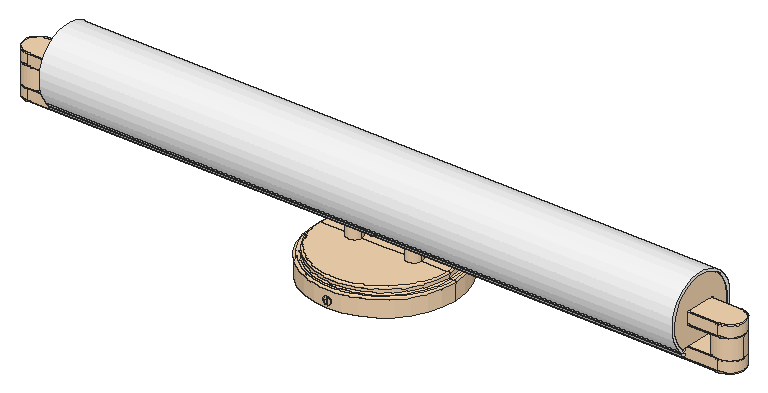
Revit family "Light_Fixture-Bath_Bar-KOHLER-Crue-K-32631", category Lighting Fixtures, host Face, Revit 2021
Family settings
  Host = Face
  Round Connector Dimension = Use Diameter
  Part Type = Normal
  OmniClass Number = 23.35.47.11
  OmniClass Title = Lighting Fixtures
  Cut with Voids When Loaded = No
  Light Source = Yes
  Shared = No
  Room Calculation Point = No
Parameters (values of type "2GL-Brushed Modern Brass")
  Width = 3 185/256"  # constant formula
  Wattage Comments = "20 W"  # constant formula
  Wattage = 20 W
  WaterSense Certified = 1 = 0  # no
  built-in parameter 1150110 = 1 (stored number, unit not read)
  Voltage = 120 V  # constant formula
  URL = "https://www.us.kohler.com/us/"
  Type = 1
  built-in parameter 1114217 = 1 (stored number, unit not read)
  built-in parameter 1150109 = 1 (stored number, unit not read)
  built-in parameter 1150134 = (empty or 0)
  built-in parameter 1150113 = 1 (stored number, unit not read)
  Product Page URL = "http://www.us.kohler.com/us/catalog/productDetails.jsp?productId=32631-SCLED"
  Product Name = "Crue"  # constant formula
  Product Documentation Link = "https://www.us.kohler.com/webassets/kpna/catalog/pdf/en/K-32631-SCLED_spec_US-CA_Kohler_en.pdf"
  Model = if(Type = 1, "K-32631-SCLED-2GL", if(Type = 2, "K-32631-SCLED-BLL", if(Type = 3, "K-32631-SCLED-BNL", if(Type = 4, "K-32631-SCLED-CPL", if(Type = 5, "K-32631-SCLED-TTL", "NA")))))  # "K-32631-SCLED-2GL"
  Material = "Premium Metal Construction"  # constant formula
  Master Format 2014 Name = "Interior Lighting Fixtures, Lamps, And Ballasts"  # constant formula
  Master Format 2014 = "26 51 13"  # constant formula
  Manufacturer Address = "444 Highland Dr, Kohler, WI 53044"  # constant formula
  Manufacturer = "Kohler Co."  # constant formula
  built-in parameter 1150105 = 572.96 (stored number, unit not read)
  Lumens = 1800 lm
  built-in parameter 1150115 = 1 (stored number, unit not read)
  Light Source Symbol Size = 2"  # constant formula
  built-in parameter 1150137 = (empty or 0)
  built-in parameter 1150139 = (empty or 0)
  Length = 23 55/64"  # constant formula
  built-in parameter 1150112 = 1 (stored number, unit not read)
  built-in parameter 1150114 = 1 (stored number, unit not read)
  Lamp = "1 x 20W LED Strip"  # constant formula
  built-in parameter 1150132 = (empty or 0)
  built-in parameter 1150102 = (empty or 0)
  built-in parameter 1150107 = 3000 (stored number, unit not read)
  built-in parameter 1150138 = (empty or 0)
  built-in parameter 1150106 = 5.7296 (stored number, unit not read)
  Height = 4 185/256"  # constant formula
  Hardware Included = 0 = 1  # no
  Finish = KOHLER-Metal-2GL-Brushed_Modern_Brass
  Environmental Product Declaration = ""
  Emit from Line Length = 20"
  Electrical Note = "One Dedicated Circuit Required"  # constant formula
  Electrical Connector = 1 = 1  # yes
  built-in parameter 1150104 = 8.3613 (stored number, unit not read)
  Dimming Lamp Color Temperature Shift = Incandescent Lamp Curve
  Description = "24 Inch Bath Bar"  # constant formula
  Default Elevation = 60"
  Declare Label = ""
  Date Modified = "01/18/2023"  # constant formula
  Date Created = "01/18/2023"  # constant formula
  Copyright = "Copyright Kohler Co."  # constant formula
  Contact Us = "https://www.us.kohler.com/us/static/contact.jsp"
  Color Filter = 16777215
  built-in parameter 1114218 = 1 (stored number, unit not read)
  built-in parameter 1150133 = 10 (stored number, unit not read)
  Assembly Code = "D5040.50"
  Apparent Load = 20 VA  # constant formula
  ADA Compliant = 1 = 0  # no
Types (6): name | Type | Model | Finish
  (no name) | 1 | "K-32631-SCLED-2GL" | KOHLER-Metal-2GL-Brushed_Modern_Brass
  2GL-Brushed Modern Brass | 1 | "K-32631-SCLED-2GL" | KOHLER-Metal-2GL-Brushed_Modern_Brass
  BLL-Matte Black | 2 | "K-32631-SCLED-BLL" | KOHLER-Metal-BLL-Matte_Black
  BNL-Brushed Nickel | 3 | "K-32631-SCLED-BNL" | KOHLER-Metal-BNL-Brushed_Nickel
  CPL-Polished Chrome | 4 | "K-32631-SCLED-CPL" | KOHLER-Metal-CPL-Polished_Chrome
  TTL-Titanium | 5 | "K-32631-SCLED-TTL" | KOHLER-Metal-TTL-Titanium
Reference planes (in)
  plane 1 "Center (Front/Back)": y = 0
  plane 2: z = 0
  plane 3 "Center (Left/Right)": x = 0
  plane 4: y = 2.36219
  plane 5: y = -2.36047
  plane 6: x = -2.3622
  plane 7: x = 2.3622
  plane 8: y = -1.1811
  plane 9: y = 1.1811
  plane 10: x = -11.92913
  plane 11: x = 11.93024
  plane 12: x = 10.49213
  plane 13: x = -10.49213
  plane 14: z = 3.72266
  plane 15: z = 0.7874
Dimensions and locks (in)
  plane 6 to plane 7 = 4.72441"
  "Height": plane 5 to plane 4
  "Length": plane 10 to plane 11
  plane 13 to plane 12 = 20.98425"
  plane 8 to plane 9 = 2.3622"
  "Width": plane 14 to level
  plane 15 to level = 0.7874"
  aligned and locked: plane 2 to host face
  aligned and locked: level to host face
  aligned and locked: plane 3 "Center (Left/Right)" to nested 1
  aligned and locked: plane 1 "Center (Front/Back)" to nested 1
Automatic sketch dimensions
  host sketch curve to host sketch curve = 96"  (x2)
Nested families (in)
  nested 1: "K-32631" at (0, 0, 0), type "K-32631"
Connectors (in)
  electrical at (0, 0, 0), driven by "Voltage", driven by "Apparent Load", driven by "Apparent Load", driven by "Electrical Connector", driven by "Electrical Note"
    settings: on nested 1, index 1, voltage 120 V, apparent load 20 VA, apparent load phase1 20 VA, apparent load phase2 0 VA, apparent load phase3 0 VA, power factor 1, load classification "Lighting", number of poles 1, system type 30, power factor state 1, is connector primary yes, connector utility yes, sub classification motor no, connector description "One Dedicated Circuit Required"
Definition of nested family "K-32631"
  Parameters (values of type "K-32631")
    Material = none
    Default Elevation = 0"
  Reference planes (in)
    plane 1 "Center (Front/Back)": y = 0
    plane 2: z = 0
    plane 3 "Center (Left/Right)": x = 0
    plane 4: y = 2.36219
    plane 5: y = -2.36219
    plane 6: x = -11.92913
    plane 7: x = 11.92913
    plane 8: x = -2.3622
    plane 9: x = 2.3622
    plane 10: x = -10.49213
    plane 11: x = 10.49213
    plane 12: y = 1.1811
    plane 13: y = -1.1811
    plane 14: z = 3.72071
    plane 15: z = 0.7874
  Forms (in)
    Revolve 1, solid, material <- "Material", detail levels medium+fine
      sketch origin (0, 0, 0) x (1, 0, 0) y (0, 0, 1)
        loop
          line (0, 0) -> (2.3622, 0) -> (2.3622, 0.53378)
          arc (2.3622, 0.53378) -> (2.34558, 0.57392) -> (2.30544, 0.59055) r 0.05677
          line (2.30544, 0.59055) -> (2.20514, 0.59055)
          arc (2.20514, 0.59055) -> (2.17625, 0.60252) -> (2.16429, 0.63141) r 0.04085
          line (2.16429, 0.63141) -> (2.16429, 0.7316)
          arc (2.16429, 0.7316) -> (2.14794, 0.77106) -> (2.10849, 0.7874) r 0.0558
          line (2.10849, 0.7874) -> (0, 0.7874) -> (0, 0)
        axis (0, 0.7874) -> (0, 0)
      angle from 0 to 360
    Revolve 2, solid, material <- "Material", detail levels medium+fine
      sketch origin (0, 0, 0) x (1, 0, 0) y (0, 0, 1)
        loop
          line (-0.98425, 1.29928) -> (-1.23031, 1.29928) -> (-1.23031, 0.60195) -> (-0.98425, 0.60195) -> (-0.98425, 1.29928)
        axis (-0.98425, 1.29928) -> (-0.98425, 0.60195)
      angle from 0 to 360
    Revolve 3, solid, material <- "Material", detail levels medium+fine
      sketch origin (0, 0, 0) x (1, 0, 0) y (0, 0, 1)
        loop
          line (-11.43701, 2.34259) -> (-11.92913, 2.34259) -> (-11.92913, 1.69298) -> (-11.43701, 1.69298) -> (-11.43701, 2.34259)
        axis (-11.43701, 2.34259) -> (-11.43701, 1.69298)
      angle from 0 to 360
    Extrusion 4, solid, material <- "Material", detail levels medium+fine
      sketch origin (0, 0, 0) x (1, 0, 0) y (0, 1, 0)
        loop
          line (-11.43551, -0.34826) -> (11.43551, -0.34826)
          arc (11.43551, -0.34826) -> (11.78464, 0.00087) -> (11.43551, 0.34999) r 0.34912
          line (11.43551, 0.34999) -> (-11.43551, 0.34999)
          arc (-11.43551, 0.34999) -> (-11.78464, 0.00087) -> (-11.43551, -0.34826) r 0.34912
      from 1.29928 to 1.69298
    Sweep 5, solid, material <- "Material", detail levels medium+fine
      path origin (0, 0, 0) x (1, 0, 0) y (0, 1, 0)
        loop
          line (0, 0.49484) -> (-11.43551, 0.49484)
          arc (-11.43551, 0.49484) -> (-11.92949, 0.00087) -> (-11.43551, -0.49311) r 0.49398
          line (-11.43551, -0.49311) -> (0, -0.49311) -> (11.43551, -0.49311)
          arc (11.43551, -0.49311) -> (11.92949, 0.00087) -> (11.43551, 0.49484) r 0.49398
          line (11.43551, 0.49484) -> (0, 0.49484)
      profile origin (-11.92949, 0.00087, 0) x (1, 0, 0) y (0, 0, 1)
        loop
          arc (0.02046, 1.69298) -> (0.00624, 1.68709) -> (0.00035, 1.67288) r 0.02011
          line (0.00035, 1.67288) -> (0.00035, 1.31893)
          arc (0.00035, 1.31893) -> (0.00611, 1.30504) -> (0.02, 1.29928) r 0.01964
          line (0.02, 1.29928) -> (0.15273, 1.29928) -> (0.15273, 1.69298) -> (0.02046, 1.69298)
    Sweep 6, solid, material <- "Material", detail levels medium+fine
      path origin (0, 0, 0) x (1, 0, 0) y (0, 1, 0)
        loop
          line (0, 0.49484) -> (-11.43551, 0.49484)
          arc (-11.43551, 0.49484) -> (-11.92949, 0.00087) -> (-11.43551, -0.49311) r 0.49398
          line (-11.43551, -0.49311) -> (0, -0.49311) -> (11.43551, -0.49311)
          arc (11.43551, -0.49311) -> (11.92949, 0.00087) -> (11.43551, 0.49484) r 0.49398
          line (11.43551, 0.49484) -> (0, 0.49484)
      profile origin (-11.92949, 0.00087, 0) x (1, 0, 0) y (0, 0, 1)
        loop
          line (0.13882, 2.34259) -> (0.13882, 2.73629) -> (0.02039, 2.73629)
          arc (0.02039, 2.73629) -> (0.00622, 2.73042) -> (0.00035, 2.71625) r 0.02004
          line (0.00035, 2.71625) -> (0.00035, 2.36266)
          arc (0.00035, 2.36266) -> (0.00623, 2.34847) -> (0.02043, 2.34259) r 0.02007
          line (0.02043, 2.34259) -> (0.13882, 2.34259)
    Extrusion 7, solid, material <- "Material", detail levels medium+fine
      sketch origin (0, 0, 0) x (1, 0, 0) y (0, 1, 0)
        loop
          arc (-11.43551, 0.37571) -> (-11.81035, 0.00087) -> (-11.43551, -0.37398) r 0.37484
          line (-11.43551, -0.37398) -> (11.43551, -0.37398)
          arc (11.43551, -0.37398) -> (11.81035, 0.00087) -> (11.43551, 0.37571) r 0.37484
          line (11.43551, 0.37571) -> (-11.43551, 0.37571)
      from 2.34259 to 2.73629
    Extrusion 8, void
      sketch origin (0, 0, 0) x (1, 0, 0) y (0, 0, 1)
        loop
          line (-10.43307, 4.4292) -> (-10.43307, 2.067) -> (10.43307, 2.067) -> (10.43307, 4.4292) -> (-10.43307, 4.4292)
      from -1.52135 to 1.50594
    Revolve 9, solid, material <- "Material", detail levels medium+fine
      sketch origin (0, 0, 0) x (-1, 0, 0) y (0, 0, -1)
        loop
          line (-0.98425, -1.29928) -> (-0.98425, -0.38932) -> (-1.23031, -0.38932) -> (-1.23031, -1.29928) -> (-0.98425, -1.29928)
        axis (-0.98425, -1.29928) -> (-0.98425, -0.38932)
      angle from 0 to 360
    Revolve 10, solid, material <- "Material", detail levels medium+fine
      sketch origin (0, 0, 0) x (-1, 0, 0) y (0, 0, -1)
        loop
          line (-11.43701, -2.34259) -> (-11.43701, -1.69298) -> (-11.92913, -1.69298) -> (-11.92913, -2.34259) -> (-11.43701, -2.34259)
        axis (-11.43701, -2.34259) -> (-11.43701, -1.69298)
      angle from 0 to 360
    Extrusion 11, solid
      sketch origin (0, 0, 0) x (0, 1, 0) y (0, 0, 1)
        loop
          arc (0.7911, 1.74524) -> (0.75273, 1.71967) -> (0.70749, 1.71069) r 0.11844
          line (0.70749, 1.71069) -> (0.66242, 1.71069) -> (0.66242, 1.67831)
          arc (0.66242, 1.67831) -> (0.6702, 1.66526) -> (0.68538, 1.66593) r 0.01482
          arc (0.68538, 1.66593) -> (0.76087, 1.62484) -> (0.68472, 1.58499) r 0.04871
          arc (0.68472, 1.58499) -> (0.67002, 1.58581) -> (0.66242, 1.5732) r 0.01427
          line (0.66242, 1.5732) -> (0.66242, 1.54069)
          arc (0.66242, 1.54069) -> (0.7491, 1.52495) -> (0.80584, 1.59234) r 0.08784
          line (0.80584, 1.59234) -> (0.81312, 1.63362)
          arc (0.81312, 1.63362) -> (0.82993, 1.68438) -> (0.8606, 1.72818) r 0.18452
          arc (0.8606, 1.72818) -> (-0.00203, 3.72112) -> (-0.85534, 1.72418) r 1.18197
          arc (-0.85534, 1.72418) -> (-0.82317, 1.67855) -> (-0.80555, 1.62557) r 0.19115
          line (-0.80555, 1.62557) -> (-0.79969, 1.59234)
          arc (-0.79969, 1.59234) -> (-0.74294, 1.52495) -> (-0.65626, 1.54069) r 0.08784
          line (-0.65626, 1.54069) -> (-0.65626, 1.5732)
          arc (-0.65626, 1.5732) -> (-0.66387, 1.58581) -> (-0.67857, 1.58499) r 0.01427
          arc (-0.67857, 1.58499) -> (-0.75472, 1.62484) -> (-0.67923, 1.66593) r 0.04871
          arc (-0.67923, 1.66593) -> (-0.66405, 1.66526) -> (-0.65626, 1.67831) r 0.01482
          line (-0.65626, 1.67831) -> (-0.65626, 1.71069) -> (-0.7161, 1.71069)
          arc (-0.7161, 1.71069) -> (-0.75122, 1.71756) -> (-0.78115, 1.73718) r 0.09311
          arc (-0.78115, 1.73718) -> (-0.00485, 3.65733) -> (0.7911, 1.74524) r 1.11934
      from -10.49213 to 10.49213
    Extrusion 12, solid, material <- "Material", detail levels medium+fine
      sketch origin (0, 0, 0) x (0, 1, 0) y (0, 0, 1)
        loop
          arc (-0.78115, 1.73718) -> (-0.75122, 1.71756) -> (-0.7161, 1.71069) r 0.09311
          line (-0.7161, 1.71069) -> (0.70749, 1.71069)
          arc (0.70749, 1.71069) -> (0.75273, 1.71967) -> (0.7911, 1.74524) r 0.11844
          arc (0.7911, 1.74524) -> (-0.00485, 3.65733) -> (-0.78115, 1.73718) r 1.11934
      from -10.31496 to -10.43307
    Extrusion 13, solid, material <- "Material", detail levels medium+fine
      sketch origin (0, 0, 0) x (0, 1, 0) y (0, 0, -1)
        loop
          arc (-0.78115, -1.73718) -> (-0.00485, -3.65733) -> (0.7911, -1.74524) r 1.11934
          arc (0.7911, -1.74524) -> (0.75273, -1.71967) -> (0.70749, -1.71069) r 0.11844
          line (0.70749, -1.71069) -> (-0.7161, -1.71069)
          arc (-0.7161, -1.71069) -> (-0.75122, -1.71756) -> (-0.78115, -1.73718) r 0.09311
      from -10.31496 to -10.43307
    Extrusion 14, void
      sketch origin (0, 0, 0) x (0, 1, 0) y (0, 0, 1)
        loop
          circle (0.18023, 2.53946) r 0.07874
        loop
          circle (-0.1785, 2.53946) r 0.07874
      from -10.49213 to 10.49213
    Extrusion 15, void
      sketch origin (0, 0, 0) x (1, 0, 0) y (0, 0, 1)
        loop
          circle (0.00039, 0.21703) r 0.13814
      from 2.10865 to 2.48456
    Extrusion 16, solid, material <- "Material", detail levels medium+fine
      sketch origin (0, 0, 0) x (1, 0, 0) y (0, 0, 1)
        loop
          circle (0.00039, 0.21703) r 0.12096
        loop
          line (0.01602, 0.31386) -> (-0.01524, 0.31386) -> (-0.01524, 0.23266) -> (-0.09644, 0.23266) -> (-0.09644, 0.20139) -> (-0.01524, 0.20139) -> (-0.01524, 0.1202) -> (0.01602, 0.1202) -> (0.01602, 0.20139) -> (0.09722, 0.20139) -> (0.09722, 0.23266) -> (0.01602, 0.23266) -> (0.01602, 0.31386)
      from 2.10865 to 2.35816
    Extrusion 17, solid, material <- "Material", detail levels medium+fine
      sketch origin (0, 0, 0) x (1, 0, 0) y (0, 0, -1)
        loop
          circle (0.00039, -0.21703) r 0.12096
        loop
          line (0.01602, -0.31386) -> (0.01602, -0.23266) -> (0.09722, -0.23266) -> (0.09722, -0.20139) -> (0.01602, -0.20139) -> (0.01602, -0.1202) -> (-0.01524, -0.1202) -> (-0.01524, -0.20139) -> (-0.09644, -0.20139) -> (-0.09644, -0.23266) -> (-0.01524, -0.23266) -> (-0.01524, -0.31386) -> (0.01602, -0.31386)
      from 2.10865 to 2.35816
    Extrusion 18, void
      sketch origin (0, 0, 0) x (1, 0, 0) y (0, 0, -1)
        loop
          circle (0.00039, -0.21703) r 0.13814
      from 2.10865 to 2.48456
    Revolve 19, solid, material <- "Material", detail levels coarse
      sketch origin (0, 0, 0) x (1, 0, 0) y (0, 0, 1)
        loop
          line (0, 0) -> (0, 1.31918) -> (-1.28675, 1.31918) -> (-1.28675, 0.83619) -> (-2.3622, 0.83619) -> (-2.3622, 0) -> (0, 0)
        axis (0, 1.31918) -> (0, 0)
      angle from 0 to 360
    Extrusion 20, solid, material <- "Material", detail levels coarse
      sketch origin (0, 0, 0) x (0, 1, 0) y (0, 0, 1)
        loop
          arc (-0.78115, 1.73718) -> (-0.75122, 1.71756) -> (-0.7161, 1.71069) r 0.09311
          line (-0.7161, 1.71069) -> (0.70749, 1.71069)
          arc (0.70749, 1.71069) -> (0.75273, 1.71967) -> (0.7911, 1.74524) r 0.11844
          arc (0.7911, 1.74524) -> (-0.00485, 3.65733) -> (-0.78115, 1.73718) r 1.11934
      from -10.31496 to -10.44934
    Extrusion 21, solid, material <- "Material", detail levels coarse
      sketch origin (0, 0, 0) x (0, 1, 0) y (0, 0, -1)
        loop
          arc (-0.78115, -1.73718) -> (-0.00485, -3.65733) -> (0.7911, -1.74524) r 1.11934
          arc (0.7911, -1.74524) -> (0.75273, -1.71967) -> (0.70749, -1.71069) r 0.11844
          line (0.70749, -1.71069) -> (-0.7161, -1.71069)
          arc (-0.7161, -1.71069) -> (-0.75122, -1.71756) -> (-0.78115, -1.73718) r 0.09311
      from -10.31496 to -10.46821
    Extrusion 22, solid, material <- "Material", detail levels coarse
      sketch origin (0, 0, 0) x (1, 0, 0) y (0, 1, 0)
        loop
          arc (11.45883, -0.55784) -> (12.01974, 0.00308) -> (11.45883, 0.56399) r 0.56091
          line (11.45883, 0.56399) -> (-11.45883, 0.56399)
          arc (-11.45883, 0.56399) -> (-12.01974, 0.00308) -> (-11.45883, -0.55784) r 0.56091
          line (-11.45883, -0.55784) -> (11.45883, -0.55784)
      from 1.29928 to 1.71069
    Extrusion 23, solid, material <- "Material", detail levels medium+fine
      sketch origin (0, 0, 0) x (1, 0, 0) y (0, 1, 0)
        loop
          circle (0, 0) r 0.19685
      from 0 to 0.07874
    Extrusion 24, solid
      sketch origin (0, 0, 0) x (0, 1, 0) y (0, 0, 1)
        loop
          line (0.66242, 1.71069) -> (0.66242, 1.86817) -> (-0.65582, 1.86817) -> (-0.65582, 1.71069) -> (0.66242, 1.71069)
        loop
          line (0.64273, 1.84866) -> (-0.63613, 1.84866) -> (-0.63613, 1.73055) -> (0.64273, 1.73055) -> (0.64273, 1.84866)
      from -10.14372 to 10.14372
    Extrusion 25, solid
      sketch origin (0, 0, 0) x (0, 1, 0) y (0, 0, 1)
        loop
          line (0.66242, 1.71069) -> (0.66242, 1.86817) -> (-0.65582, 1.86817) -> (-0.65582, 1.71069) -> (0.66242, 1.71069)
      from -10.14372 to -10.31496
    Extrusion 26, solid
      sketch origin (0, 0, 0) x (0, 1, 0) y (0, 0, -1)
        loop
          line (-0.65582, -1.86817) -> (0.66242, -1.86817) -> (0.66242, -1.71069) -> (-0.65582, -1.71069) -> (-0.65582, -1.86817)
      from -10.14372 to -10.31496
    Extrusion 27, solid, material <- "Material", detail levels coarse
      sketch origin (0, 0, 1.71069) x (1, 0, 0) y (0, 1, 0)
        loop
          circle (11.43701, 0) r 0.49921
        loop
          circle (-11.43701, 0) r 0.49921
      from 0 to 0.6319
    Extrusion 28, solid, material <- "Material", detail levels coarse
      sketch origin (0, 0, 0) x (1, 0, 0) y (0, 1, 0)
        loop
          line (11.44036, 0.50046) -> (10.43307, 0.50046) -> (10.43307, -0.50046) -> (11.44036, -0.50046)
          arc (11.44036, -0.50046) -> (11.94083, 0) -> (11.44036, 0.50046) r 0.50046
        loop
          arc (-11.44036, 0.50046) -> (-11.94083, 0) -> (-11.44036, -0.50046) r 0.50046
          line (-11.44036, -0.50046) -> (-10.49213, -0.50046) -> (-10.49213, 0.50046) -> (-11.44036, 0.50046)
      from 2.34259 to 2.73629
  Cuts and joins
    Extrusion 15, Extrusion 18 cuts Revolve 1
    Extrusion 18 cuts Revolve 2
    Extrusion 18 cuts Revolve 3
    Extrusion 18 cuts Extrusion 4
    Extrusion 18 cuts Sweep 5
    Extrusion 8, Extrusion 18 cuts Sweep 6
    Extrusion 8, Extrusion 14, Extrusion 18 cuts Extrusion 7
    Extrusion 18 cuts Revolve 9
    Extrusion 18 cuts Revolve 10
    Extrusion 14, Extrusion 18 cuts Extrusion 12
    Extrusion 14, Extrusion 18 cuts Extrusion 13
    joined: Revolve 1, Revolve 2, Revolve 3, Extrusion 4, Sweep 5, Sweep 6, Extrusion 7, Revolve 9, Revolve 10, Extrusion 12, Extrusion 13
    Extrusion 18 cuts Extrusion 16
    joined: Revolve 19, Extrusion 20, Extrusion 21, Extrusion 22, Extrusion 28
    joined: Extrusion 24, Extrusion 25, Extrusion 26
  Lines and regions (in)
    Masking region 1
      outline origin (0, 0, 0) x (1, 0, 0) y (0, 1, 0)
        loop
          arc (2.04571, 1.1811) -> (0, 2.36219) -> (-2.04571, 1.1811) r 2.36219
          line (-2.04571, 1.1811) -> (-10.49213, 1.1811) -> (-10.49213, 0.49213) -> (-11.43679, 0.49213)
          arc (-11.43679, 0.49213) -> (-11.92892, 0) -> (-11.43679, -0.49213) r 0.49213
          line (-11.43679, -0.49213) -> (-10.49213, -0.49213) -> (-10.49213, -1.1811) -> (-2.04571, -1.1811)
          arc (-2.04571, -1.1811) -> (0, -2.36219) -> (2.04571, -1.1811) r 2.36219
          line (2.04571, -1.1811) -> (10.49213, -1.1811) -> (10.49213, -0.49213) -> (11.43683, -0.49213)
          arc (11.43683, -0.49213) -> (11.92896, 0) -> (11.43683, 0.49213) r 0.49213
          line (11.43683, 0.49213) -> (10.49213, 0.49213) -> (10.49213, 1.1811) -> (2.04571, 1.1811)
    Masking region 2
      outline origin (0, 0, 0) x (1, 0, 0) y (0, 0, 1)
        loop
          line (0, 0) -> (2.3622, 0) -> (2.3622, 0.53379)
          arc (2.3622, 0.53379) -> (2.34558, 0.57393) -> (2.30544, 0.59055) r 0.05676
          line (2.30544, 0.59055) -> (2.20389, 0.59055)
          arc (2.20389, 0.59055) -> (2.17664, 0.60184) -> (2.16535, 0.62909) r 0.03854
          line (2.16535, 0.62909) -> (2.16535, 0.72918)
          arc (2.16535, 0.72918) -> (2.1483, 0.77035) -> (2.10713, 0.7874) r 0.05822
          line (2.10713, 0.7874) -> (1.23132, 0.7874) -> (1.23132, 1.29928) -> (11.90924, 1.29928)
          arc (11.90924, 1.29928) -> (11.92331, 1.30511) -> (11.92913, 1.31918) r 0.01989
          line (11.92913, 1.31918) -> (11.92913, 2.71668)
          arc (11.92913, 2.71668) -> (11.92339, 2.73055) -> (11.90951, 2.7363) r 0.01962
          line (11.90951, 2.7363) -> (10.49213, 2.7363) -> (10.49213, 3.72071) -> (0, 3.72071) -> (-10.49213, 3.72071) -> (-10.49213, 2.7363) -> (-11.90951, 2.7363)
          arc (-11.90951, 2.7363) -> (-11.92339, 2.73055) -> (-11.92913, 2.71668) r 0.01962
          line (-11.92913, 2.71668) -> (-11.92913, 1.31918)
          arc (-11.92913, 1.31918) -> (-11.92331, 1.30511) -> (-11.90924, 1.29928) r 0.01989
          line (-11.90924, 1.29928) -> (-1.23132, 1.29928) -> (-1.23132, 0.7874) -> (-2.10759, 0.7874)
          arc (-2.10759, 0.7874) -> (-2.14843, 0.77048) -> (-2.16535, 0.72963) r 0.05777
          line (-2.16535, 0.72963) -> (-2.16535, 0.62871)
          arc (-2.16535, 0.62871) -> (-2.17653, 0.60173) -> (-2.20351, 0.59055) r 0.03816
          line (-2.20351, 0.59055) -> (-2.30487, 0.59055)
          arc (-2.30487, 0.59055) -> (-2.34541, 0.57376) -> (-2.3622, 0.53322) r 0.05733
          line (-2.3622, 0.53322) -> (-2.3622, 0) -> (0, 0)
        loop
          line (10.94488, 2.34259) -> (10.49213, 2.34259) -> (10.49213, 1.69346) -> (10.94488, 1.69346) -> (10.94488, 2.34259)
        loop
          line (0.73819, 1.29928) -> (0, 1.29928) -> (-0.73819, 1.29928) -> (-0.73819, 0.7874) -> (0, 0.7874) -> (0.73819, 0.7874) -> (0.73819, 1.29928)
        loop
          line (-10.94488, 2.34259) -> (-10.94488, 1.69346) -> (-10.49213, 1.69346) -> (-10.49213, 2.34259) -> (-10.94488, 2.34259)
    Masking region 3
      outline origin (0, 0, 0) x (0, 1, 0) y (0, 0, 1)
        loop
          arc (-0.86263, 1.72777) -> (-0.83197, 1.68397) -> (-0.81515, 1.63321) r 0.18452
          line (-0.81515, 1.63321) -> (-0.80787, 1.59193)
          arc (-0.80787, 1.59193) -> (-0.75113, 1.52454) -> (-0.66445, 1.54028) r 0.08784
          line (-0.66445, 1.54028) -> (-0.66445, 1.57279)
          arc (-0.66445, 1.57279) -> (-0.67205, 1.58541) -> (-0.68675, 1.58458) r 0.01427
          arc (-0.68675, 1.58458) -> (-0.76291, 1.62443) -> (-0.68742, 1.66552) r 0.04871
          arc (-0.68742, 1.66552) -> (-0.67224, 1.66485) -> (-0.66445, 1.6779) r 0.01482
          line (-0.66445, 1.6779) -> (-0.66445, 1.71028) -> (-0.49213, 1.71028) -> (-0.49213, 1.67908) -> (-0.45708, 1.67908)
          arc (-0.45708, 1.67908) -> (-0.48227, 1.66358) -> (-0.49213, 1.63569) r 0.04438
          line (-0.49213, 1.63569) -> (-0.49213, 1.31892)
          arc (-0.49213, 1.31892) -> (-0.48638, 1.30503) -> (-0.47249, 1.29928) r 0.01963
          line (-0.47249, 1.29928) -> (-0.24606, 1.29928) -> (-0.24606, 0.78747) -> (-2.10737, 0.78747)
          arc (-2.10737, 0.78747) -> (-2.14836, 0.77049) -> (-2.16534, 0.7295) r 0.05797
          line (-2.16534, 0.7295) -> (-2.16534, 0.63089)
          arc (-2.16534, 0.63089) -> (-2.17715, 0.60237) -> (-2.20568, 0.59055) r 0.04034
          line (-2.20568, 0.59055) -> (-2.30594, 0.59055)
          arc (-2.30594, 0.59055) -> (-2.34572, 0.57408) -> (-2.36219, 0.5343) r 0.05625
          line (-2.36219, 0.5343) -> (-2.36219, 0) -> (0, 0) -> (2.36219, 0) -> (2.36219, 0.5343)
          arc (2.36219, 0.5343) -> (2.34572, 0.57408) -> (2.30594, 0.59055) r 0.05625
          line (2.30594, 0.59055) -> (2.20568, 0.59055)
          arc (2.20568, 0.59055) -> (2.17715, 0.60237) -> (2.16534, 0.63089) r 0.04034
          line (2.16534, 0.63089) -> (2.16534, 0.7295)
          arc (2.16534, 0.7295) -> (2.14836, 0.77049) -> (2.10737, 0.78747) r 0.05797
          line (2.10737, 0.78747) -> (0.24606, 0.78747) -> (0.24606, 1.29928) -> (0.47249, 1.29928)
          arc (0.47249, 1.29928) -> (0.48638, 1.30503) -> (0.49213, 1.31892) r 0.01963
          line (0.49213, 1.31892) -> (0.49213, 1.63569)
          arc (0.49213, 1.63569) -> (0.48227, 1.66358) -> (0.45708, 1.67908) r 0.04438
          line (0.45708, 1.67908) -> (0.49213, 1.67908) -> (0.49213, 1.71028) -> (0.65423, 1.71028) -> (0.65423, 1.6779)
          arc (0.65423, 1.6779) -> (0.66202, 1.66485) -> (0.6772, 1.66552) r 0.01482
          arc (0.6772, 1.66552) -> (0.75269, 1.62443) -> (0.67654, 1.58458) r 0.04871
          arc (0.67654, 1.58458) -> (0.66183, 1.58541) -> (0.65423, 1.57279) r 0.01427
          line (0.65423, 1.57279) -> (0.65423, 1.54028)
          arc (0.65423, 1.54028) -> (0.74091, 1.52454) -> (0.79765, 1.59193) r 0.08784
          line (0.79765, 1.59193) -> (0.80351, 1.62516)
          arc (0.80351, 1.62516) -> (0.82113, 1.67814) -> (0.85331, 1.72377) r 0.19115
          arc (0.85331, 1.72377) -> (0, 3.72071) -> (-0.86263, 1.72777) r 1.18197
    symbolic lines, detail levels medium+fine
      curve 1: line (-2.15254, 1.1811, 0) -> (2.17817, 1.1811, 0)
      curve 2: line (-2.15254, -1.1811, 0) -> (2.17817, -1.1811, 0)
      curve 3: line (-10.49213, -0.49213, 0) -> (-10.49213, 0.49213, 0)
      curve 4: line (10.49213, -0.49213, 0) -> (10.49213, 0.49213, 0)
      curve 5: arc (-1.98132, -1.1811, 0) -> (0, -2.30665, 0) -> (1.98132, -1.1811, 0) r 2.30665
      curve 6: arc (-1.73248, -1.1811, 0) -> (0, -2.09678, 0) -> (1.73248, -1.1811, 0) r 2.09678
      curve 7: arc (-1.65556, -1.1811, 0) -> (0, -2.03369, 0) -> (1.65556, -1.1811, 0) r 2.03369
      curve 8: arc (-1.5748, -1.1811, 0) -> (0, -1.9685, 0) -> (1.5748, -1.1811, 0) r 1.9685
      curve 9: arc (1.5748, 1.1811, 0) -> (0, 1.9685, 0) -> (-1.5748, 1.1811, 0) r 1.9685
      curve 10: arc (1.65556, 1.1811, 0) -> (0, 2.03369, 0) -> (-1.65556, 1.1811, 0) r 2.03369
      curve 11: arc (1.73248, 1.1811, 0) -> (0, 2.09678, 0) -> (-1.73248, 1.1811, 0) r 2.09678
      curve 12: arc (1.98132, 1.1811, 0) -> (0, 2.30665, 0) -> (-1.98132, 1.1811, 0) r 2.30665
      curve 13: line (10.94488, 0, 2.34259) -> (11.88583, 0, 2.34259)
      curve 14: line (10.94488, 0, 1.69298) -> (11.88583, 0, 1.69298)
      curve 15: line (10.49213, 0, 2.34259) -> (10.49213, 0, 2.7363)
      curve 16: line (10.49213, 0, 1.69346) -> (10.49213, 0, 1.52071)
      curve 17: line (10.49213, 0, 1.52071) -> (0, 0, 1.52071)
      curve 18: arc (11.88583, 0, 2.34259) -> (11.91174, 0, 2.35034) -> (11.92913, 0, 2.37106) r 0.04717
      curve 19: arc (11.88583, 0, 1.69298) -> (11.91138, 0, 1.68564) -> (11.92913, 0, 1.66585) r 0.04813
      curve 20: line (11.92913, 0, 2.37106) -> (10.49213, 0, 2.37106)
      curve 21: line (11.92913, 0, 2.71668) -> (10.49213, 0, 2.71668)
      curve 22: line (11.92913, 0, 1.31918) -> (0, 0, 1.31918)
      curve 23: line (11.92913, 0, 1.66585) -> (10.49213, 0, 1.66585)
      curve 24: line (1.23031, 0, 1.29928) -> (0.73819, 0, 1.29928)
      curve 25: line (1.23031, 0, 0.78747) -> (0.73819, 0, 0.78747)
      curve 26: line (2.16535, 0, 0.72918) -> (0, 0, 0.72918)
      curve 27: line (2.16535, 0, 0.62909) -> (0, 0, 0.62909)
      curve 28: line (2.20389, 0, 0.59055) -> (0, 0, 0.59055)
      curve 29: line (2.3622, 0, 0.53379) -> (0, 0, 0.53379)
      curve 30: line (-10.94488, 0, 2.34259) -> (-11.88583, 0, 2.34259)
      curve 31: line (-10.94488, 0, 1.69298) -> (-11.88583, 0, 1.69298)
      curve 32: line (-10.49213, 0, 2.37106) -> (-10.49213, 0, 2.7363)
      curve 33: line (-10.49213, 0, 1.69346) -> (-10.49213, 0, 1.52071)
      curve 34: line (-10.49213, 0, 1.52071) -> (0, 0, 1.52071)
      curve 35: arc (-11.88583, 0, 2.34259) -> (-11.91174, 0, 2.35034) -> (-11.92913, 0, 2.37106) r 0.04717
      curve 36: arc (-11.88583, 0, 1.69298) -> (-11.91138, 0, 1.68564) -> (-11.92913, 0, 1.66585) r 0.04813
      curve 37: line (-11.92913, 0, 2.37106) -> (-10.49213, 0, 2.37106)
      curve 38: line (-11.92913, 0, 2.71668) -> (-10.49213, 0, 2.71668)
      curve 39: line (-11.92913, 0, 1.31918) -> (0, 0, 1.31918)
      curve 40: line (-11.92913, 0, 1.66585) -> (-10.49213, 0, 1.66585)
      curve 41: line (-1.23031, 0, 1.29928) -> (-0.73819, 0, 1.29928)
      curve 42: line (-1.23031, 0, 0.78747) -> (-0.73819, 0, 0.78747)
      curve 43: line (-2.16535, 0, 0.72918) -> (0, 0, 0.72918)
      curve 44: line (-2.16535, 0, 0.62909) -> (0, 0, 0.62909)
      curve 45: line (-2.20389, 0, 0.59055) -> (0, 0, 0.59055)
      curve 46: line (-2.3622, 0, 0.53379) -> (0, 0, 0.53379)
      curve 47: line (10.49213, 0, 1.60709) -> (0, 0, 1.60709)
      curve 48: line (10.49213, 0, 1.75755) -> (0, 0, 1.75755)
      curve 49: line (-10.49213, 0, 1.60709) -> (0, 0, 1.60709)
      curve 50: line (-10.49213, 0, 1.75755) -> (0, 0, 1.75755)
      curve 51: line (0, 0.24606, 0.78747) -> (0, -0.24606, 0.78747)
      curve 52: line (0, -0.24606, 1.29928) -> (0, 0.24606, 1.29928)
      curve 53: line (0, 0.45708, 1.67908) -> (0, -0.45708, 1.67908)
      curve 54: line (0, 2.20568, 0.59055) -> (0, -2.20568, 0.59055)
      curve 55: line (0, 2.16534, 0.63089) -> (0, -2.16534, 0.63089)
      curve 56: line (0, -2.16534, 0.7295) -> (0, 2.16534, 0.7295)
      curve 57: line (0, 2.36219, 0.5343) -> (0, -2.36219, 0.5343)
      curve 58: line (0, 0.49213, 1.63569) -> (0, -0.49213, 1.63569)
      curve 59: line (0, 0.65423, 1.71028) -> (0, 0.69012, 1.71028)
      curve 60: line (0, -0.66445, 1.71028) -> (0, -0.69793, 1.71028)
      curve 61: arc (0, 0.75454, 1.73578) -> (0, -0.00423, 3.64179) -> (0, -0.74835, 1.73002) r 1.10236
      curve 62: arc (0, 0.69012, 1.71028) -> (0, 0.72476, 1.71689) -> (0, 0.75454, 1.73578) r 0.09411
      curve 63: arc (0, -0.74835, 1.73002) -> (0, -0.72501, 1.71539) -> (0, -0.69793, 1.71028) r 0.07427
      curve 64: line (0, 0.49213, 1.71028) -> (0, 0.49213, 2.7151)
      curve 65: line (0, 0, 2.73759) -> (0, 0.46964, 2.73759)
      curve 66: arc (0, 0.49213, 2.7151) -> (0, 0.48554, 2.73101) -> (0, 0.46964, 2.73759) r 0.02249
      curve 67: line (0, 0.49213, 2.7151) -> (0, 0, 2.7151)
      curve 68: line (0, -0.49213, 1.71028) -> (0, -0.49213, 2.7151)
      curve 69: line (0, 0, 2.73759) -> (0, -0.46964, 2.73759)
      curve 70: arc (0, -0.49213, 2.7151) -> (0, -0.48554, 2.73101) -> (0, -0.46964, 2.73759) r 0.02249
      curve 71: line (0, -0.49213, 2.7151) -> (0, 0, 2.7151)
      curve 72: line (0, 0.49213, 2.3337) -> (0, -0.49213, 2.3337)
  Dimensions and locks (in)
    plane 6 to plane 7 = 23.85827"
    plane 10 to plane 11 = 20.98425"
    aligned and locked: plane 2 to level
